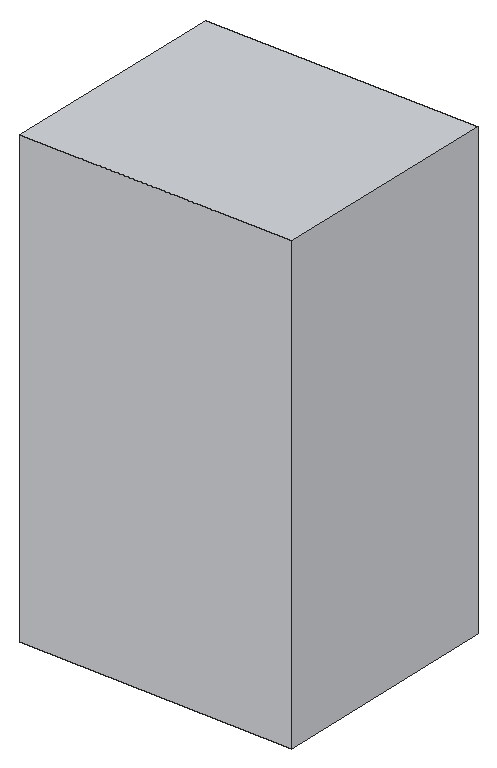
Revit family "Pump_Rheem_DeliverySkid", category Mechanical Equipment, Revit 2014
Parameters (values of type "This Family Using Type Catalogue")
  ZoneServed = ""
  XDiameter = 32 mm
  WarrantyStartDate = ""
  WarrantyDurationMonths = 0
  TotalWidth = 700 mm
  TotalLength = 816 mm
  TotalHeight = 1368 mm
  SystemServed = ""
  SupplyVoltage = 240 V
  SupplyPhase = 1
  SupplyFrequency = "50/60 Hz"  # constant formula
  SupplyDiameter = 50 mm  # constant formula
  StandardsCompliance = ""
  ShippingMass = 0.00 kg
  SerialNumber = ""
  RunLoadAmps = 0 A
  Model = "0"
  HeatExchangeSymbol [instance] = yes
  HeatExchange3D [instance] = not(HeatExchangeSymbol)  # no
  ProductCode = ""
  PowerSource = "AC"  # constant formula
  PowerFactor = 1  # constant formula
  PipingMaterial = none
  OutletDiameter = 60 mm  # constant formula
  OptionsSelected = ""
  OptionsAdditional = ""
  OperatingTempMin = 0 °C
  OperatingTempMax = 0 °C
  OperatingMass = 0.00 kg
  NCC_SEC_J_Compliance = yes
  NCC_Classification = ""
  NATspecWorkSection = ""
  MountingType = "Floor Mounted"  # constant formula
  MotorWindingInsulation = ""
  MotorType = ""
  MotorSize = 0 W
  MotorPoles = 0
  MotorMaterial = none
  MotorManufacturer = ""
  MotorEfficiencyClass = ""
  MotorAmpsActual = 0 A
  Material = none
  Manufacturer = "Rheem Solahart"
  Location = ""
  LOD100 [instance] = not(HeatExchange3D)  # yes
  InsulationMaterialType = ""
  Installer = ""
  InstallationDate = ""
  InletDiameter = 60 mm  # constant formula
  HazardousMaterialClassification = ""
  FullLoadAmps = 0 A
  FluidType = "Water"
  FluidTemperatureMin = 0 °C
  FluidTemperatureMax = 0 °C
  FluidDensity = 0.0000 kg/m³
  FlowRate [instance] = 0.0 L/s
  FactoryWitnessTest = ""
  FactoryCertificationTest = ""
  ExpectedServiceLifeYears = 0
  Designer = ""
  DesignClass = ""
  CreatedBy = ""
  CommissioningTechnician = ""
  CommissioningDate = ""
  Client = ""
  Certification = ""
  BodyMaterial = none
  ApparentPower = 0 W
  ActivePower = 0 W
Reference planes
  plane 1 "Center (Front/Back)": y = 0
  plane 2: z = 0
  plane 3 "Center (Left/Right)": x = 0
  plane 4: y = 350
  plane 5: y = -350
  plane 6: x = 408
  plane 7: x = -408
  plane 8: z = 1368
Forms (mm)
  Extrusion 1, solid, material <- "BodyMaterial", visible <- "HeatExchange3D"
    sketch origin (0, 0, 0) x (1, 0, 0) y (0, 0, 1)
      loop
        arc (180.988, 49.997) -> (176.746, 48.24) -> (174.989, 43.997) r 6
        line (174.989, 43.997) -> (174.989, 6)
        arc (174.989, 6) -> (176.746, 1.757) -> (180.988, 0) r 6
        line (180.988, 0) -> (318.979, 0)
        arc (318.979, 0) -> (323.222, 1.757) -> (324.979, 6) r 6
        line (324.979, 6) -> (324.979, 43.997)
        arc (324.979, 43.997) -> (323.222, 48.24) -> (318.979, 49.997) r 6
        line (318.979, 49.997) -> (180.988, 49.997)
      loop
        arc (180.988, 47.997) -> (178.16, 46.825) -> (176.989, 43.997) r 4
        line (176.989, 43.997) -> (176.989, 6)
        arc (176.989, 6) -> (178.16, 3.171) -> (180.988, 2) r 4
        line (180.988, 2) -> (318.979, 2)
        arc (318.979, 2) -> (321.808, 3.171) -> (322.979, 6) r 4
        line (322.979, 6) -> (322.979, 43.997)
        arc (322.979, 43.997) -> (321.808, 46.825) -> (318.979, 47.997) r 4
        line (318.979, 47.997) -> (180.988, 47.997)
      loop
        line (-180.988, 49.997) -> (-318.979, 49.997)
        arc (-318.979, 49.997) -> (-323.222, 48.24) -> (-324.979, 43.997) r 6
        line (-324.979, 43.997) -> (-324.979, 6)
        arc (-324.979, 6) -> (-323.222, 1.757) -> (-318.979, 0) r 6
        line (-318.979, 0) -> (-180.988, 0)
        arc (-180.988, 0) -> (-176.746, 1.757) -> (-174.989, 6) r 6
        line (-174.989, 6) -> (-174.989, 43.997)
        arc (-174.989, 43.997) -> (-176.746, 48.24) -> (-180.988, 49.997) r 6
      loop
        line (-180.988, 47.997) -> (-318.979, 47.997)
        arc (-318.979, 47.997) -> (-321.808, 46.825) -> (-322.979, 43.997) r 4
        line (-322.979, 43.997) -> (-322.979, 6)
        arc (-322.979, 6) -> (-321.808, 3.171) -> (-318.979, 2) r 4
        line (-318.979, 2) -> (-180.988, 2)
        arc (-180.988, 2) -> (-178.16, 3.171) -> (-176.989, 6) r 4
        line (-176.989, 6) -> (-176.989, 43.997)
        arc (-176.989, 43.997) -> (-178.16, 46.825) -> (-180.988, 47.997) r 4
    from -350 to 350
  Extrusion 2, solid, material <- "BodyMaterial", visible <- "HeatExchange3D"
    sketch origin (49.981, 0, 0) x (1, 0, 0) y (0, 1, 0)
      loop
        line (250, 158.967) -> (250, 250.961)
        arc (250, 250.961) -> (248.828, 253.789) -> (246, 254.961) r 4
        line (246, 254.961) -> (200, 254.961) -> (200, 250.961) -> (242, 250.961)
        arc (242, 250.961) -> (244.828, 249.789) -> (246, 246.961) r 4
        line (246, 246.961) -> (246, 162.967)
        arc (246, 162.967) -> (244.828, 160.139) -> (242, 158.967) r 4
        line (242, 158.967) -> (200, 158.967) -> (200, 154.967) -> (246, 154.967)
        arc (246, 154.967) -> (248.828, 156.139) -> (250, 158.967) r 4
    from 49.997 to 1299.916
  Extrusion 3, solid, material <- "BodyMaterial", visible <- "HeatExchange3D"
    sketch origin (-49.981, 0, 0) x (-1, 0, 0) y (0, -1, 0)
      loop
        arc (250, -158.967) -> (248.828, -156.139) -> (246, -154.967) r 4
        line (246, -154.967) -> (200, -154.967) -> (200, -158.967) -> (242, -158.967)
        arc (242, -158.967) -> (244.828, -160.139) -> (246, -162.967) r 4
        line (246, -162.967) -> (246, -246.961)
        arc (246, -246.961) -> (244.828, -249.789) -> (242, -250.961) r 4
        line (242, -250.961) -> (200, -250.961) -> (200, -254.961) -> (246, -254.961)
        arc (246, -254.961) -> (248.828, -253.789) -> (250, -250.961) r 4
        line (250, -250.961) -> (250, -158.967)
    from 49.997 to 1299.916
  Extrusion 4, solid, material <- "BodyMaterial", visible <- "HeatExchange3D"
    sketch origin (0, 0, 0) x (0, 1, 0) y (0, 0, 1)
      loop
        line (154.967, 1244.544) -> (-238.799, 1313.976)
        arc (-238.799, 1313.976) -> (-239.705, 1313.926) -> (-240.497, 1313.481) r 2
        line (-240.497, 1313.481) -> (-268.823, 1287.551)
        arc (-268.823, 1287.551) -> (-268.823, 1284.574) -> (-265.845, 1284.574) r 2.105
        line (-265.845, 1284.574) -> (-260.088, 1290.332) -> (-261.219, 1291.463) -> (-266.202, 1285.524)
        arc (-266.202, 1285.524) -> (-267.066, 1285.397) -> (-267.293, 1286.24) r 0.657
        line (-267.293, 1286.24) -> (-239.873, 1311.341)
        arc (-239.873, 1311.341) -> (-239.082, 1311.786) -> (-238.175, 1311.835) r 2
        line (-238.175, 1311.835) -> (154.967, 1242.513) -> (154.967, 1244.544)
    from -299.981 to 299.981
  Extrusion 5, solid, material <- "BodyMaterial", visible <- "HeatExchange3D"
    sketch origin (299.981, 0, 0) x (0, 1, 0) y (0, 0, 1)
      loop
        line (154.967, 1160.375) -> (154.967, 960.388) -> (196.771, 960.388) -> (201.771, 965.388) -> (201.771, 1155.376) -> (196.771, 1160.375) -> (154.967, 1160.375)
    from 0 to 2
  Extrusion 6, solid, material <- "BodyMaterial", visible <- "HeatExchange3D"
    sketch origin (299.981, 0, 0) x (0, 1, 0) y (0, 0, 1)
      loop
        line (152.025, 920.14) -> (154.967, 920.14) -> (154.967, 1244.544) -> (-238.799, 1313.976)
        arc (-238.799, 1313.976) -> (-239.531, 1313.969) -> (-240.212, 1313.699) r 2
        line (-240.212, 1313.699) -> (-240.924, 1313.09) -> (152.025, 920.14)
    from 0 to 2
  Extrusion 7, solid, material <- "BodyMaterial", visible <- "HeatExchange3D"
    sketch origin (-299.981, 0, 0) x (0, 1, 0) y (0, 0, -1)
      loop
        line (154.967, -1160.375) -> (196.771, -1160.375) -> (201.771, -1155.376) -> (201.771, -965.388) -> (196.771, -960.388) -> (154.967, -960.388) -> (154.967, -1160.375)
    from 0 to 2
  Extrusion 8, solid, material <- "BodyMaterial", visible <- "HeatExchange3D"
    sketch origin (-299.981, 0, 0) x (0, 1, 0) y (0, 0, -1)
      loop
        line (152.025, -920.14) -> (-240.924, -1313.09) -> (-240.212, -1313.699)
        arc (-240.212, -1313.699) -> (-239.531, -1313.969) -> (-238.799, -1313.976) r 2
        line (-238.799, -1313.976) -> (154.967, -1244.544) -> (154.967, -920.14) -> (152.025, -920.14)
    from 0 to 2
  Extrusion 9, solid, material <- "BodyMaterial", visible <- "HeatExchange3D"
    sketch origin (0, 0, 0) x (1, 0, 0) y (0, 0, 1)
      loop
        line (303.18, 305.98) -> (303.18, 351.977) -> (-303.18, 351.977) -> (-303.18, 305.98) -> (-301.181, 305.98) -> (-301.181, 344.978) -> (301.181, 344.978) -> (301.181, 305.98) -> (303.18, 305.98)
    from -154.967 to 164.012
  Extrusion 10, solid, material <- "BodyMaterial", visible <- "HeatExchange3D"
    sketch origin (49.981, -324.979, 0) x (1, 0, 0) y (0, 1, 0)
      loop
        line (250, 158.967) -> (250, 250.961)
        arc (250, 250.961) -> (248.828, 253.789) -> (246, 254.961) r 4
        line (246, 254.961) -> (200, 254.961) -> (200, 250.961) -> (242, 250.961)
        arc (242, 250.961) -> (244.828, 249.789) -> (246, 246.961) r 4
        line (246, 246.961) -> (246, 162.967)
        arc (246, 162.967) -> (244.828, 160.139) -> (242, 158.967) r 4
        line (242, 158.967) -> (200, 158.967) -> (200, 154.967) -> (246, 154.967)
        arc (246, 154.967) -> (248.828, 156.139) -> (250, 158.967) r 4
    from 49.997 to 344.978
  Extrusion 11, solid, material <- "BodyMaterial", visible <- "HeatExchange3D"
    sketch origin (-49.981, -324.979, 0) x (-1, 0, 0) y (0, -1, 0)
      loop
        arc (250, -158.967) -> (248.828, -156.139) -> (246, -154.967) r 4
        line (246, -154.967) -> (200, -154.967) -> (200, -158.967) -> (242, -158.967)
        arc (242, -158.967) -> (244.828, -160.139) -> (246, -162.967) r 4
        line (246, -162.967) -> (246, -246.961)
        arc (246, -246.961) -> (244.828, -249.789) -> (242, -250.961) r 4
        line (242, -250.961) -> (200, -250.961) -> (200, -254.961) -> (246, -254.961)
        arc (246, -254.961) -> (248.828, -253.789) -> (250, -250.961) r 4
        line (250, -250.961) -> (250, -158.967)
    from 49.997 to 344.978
  Sweep 12, solid, material <- "PipingMaterial", visible <- "HeatExchange3D"
    path origin (0, 0, 0) x (1, 0, 0) y (0, 0, 1)
      loop
        line (177.487, 639.037) -> (52.498, 639.037)
        arc (52.498, 639.037) -> (51.791, 638.744) -> (51.498, 638.037) r 1
        line (51.498, 638.037) -> (51.498, 377.977)
        arc (51.498, 377.977) -> (51.791, 377.27) -> (52.498, 376.977) r 1
        line (52.498, 376.977) -> (177.487, 376.977)
        arc (177.487, 376.977) -> (178.194, 377.27) -> (178.487, 377.977) r 1
        line (178.487, 377.977) -> (178.487, 638.037)
        arc (178.487, 638.037) -> (178.194, 638.744) -> (177.487, 639.037) r 1
    profile origin (114.993, 0, 639.037) x (0, 0, -1) y (0, -1, 0)
      loop
        line (-24.998, 294.404) -> (-24.998, -238.562)
        arc (-24.998, -238.562) -> (-17.677, -256.238) -> (0, -263.56) r 24.998
        line (0, -263.56) -> (0, 27.921) -> (0, 319.402)
        arc (0, 319.402) -> (-17.677, 312.08) -> (-24.998, 294.404) r 24.998
  Extrusion 13, solid, material <- "PipingMaterial", visible <- "HeatExchange3D"
    sketch origin (0, 0, 0) x (1, 0, 0) y (0, 0, 1)
      loop
        arc (52.498, 639.037) -> (51.791, 638.744) -> (51.498, 638.037) r 1
        line (51.498, 638.037) -> (51.498, 377.977)
        arc (51.498, 377.977) -> (51.791, 377.27) -> (52.498, 376.977) r 1
        line (52.498, 376.977) -> (177.487, 376.977)
        arc (177.487, 376.977) -> (178.194, 377.27) -> (178.487, 377.977) r 1
        line (178.487, 377.977) -> (178.487, 638.037)
        arc (178.487, 638.037) -> (178.194, 638.744) -> (177.487, 639.037) r 1
        line (177.487, 639.037) -> (52.498, 639.037)
    from -263.56 to 319.402
  Extrusion 14, solid, material <- "BodyMaterial", visible <- "HeatExchange3D"
    sketch origin (0, 0, 0) x (0, 1, 0) y (0, 0, 1)
      loop
        line (148.968, 667.037) -> (104.971, 667.037) -> (104.971, 664.037) -> (154.967, 664.037) -> (154.967, 714.034) -> (151.968, 714.034) -> (151.968, 670.037)
        arc (151.968, 670.037) -> (151.089, 667.915) -> (148.968, 667.037) r 3
    from -299.981 to 299.981
  Revolve 15, solid, material <- "PipingMaterial", visible <- "HeatExchange3D"
    sketch origin (0, -262.906, 0) x (1, 0, 0) y (0, 0, 1)
      loop
        line (354.977, 141.891) -> (354.977, 192.888) -> (351.977, 192.888) -> (351.977, 224.385) -> (334.978, 224.385) -> (334.978, 183.175)
        arc (334.978, 183.175) -> (333.86, 179.687) -> (330.923, 177.499) r 6
        line (330.923, 177.499) -> (314.98, 172.039) -> (309.074, 172.039) -> (-309.006, 172.039) -> (-314.98, 172.039) -> (-320.622, 173.971) -> (-330.072, 173.971)
        arc (-330.072, 173.971) -> (-331.913, 171.087) -> (-334.127, 168.478) r 25.253
        arc (-334.127, 168.478) -> (-334.669, 168.364) -> (-334.978, 168.823) r 0.496
        line (-334.978, 168.823) -> (-334.978, 224.385) -> (-351.977, 224.385) -> (-351.977, 194.032) -> (-354.977, 194.032) -> (-354.977, 216.886) -> (-357.977, 216.886) -> (-357.977, 194.032) -> (-360.977, 194.032) -> (-360.977, 224.385) -> (-377.976, 224.385) -> (-377.976, 168.823)
        arc (-377.976, 168.823) -> (-378.285, 168.364) -> (-378.827, 168.478) r 0.496
        arc (-378.827, 168.478) -> (-381.041, 171.087) -> (-382.881, 173.971) r 25.253
        line (-382.881, 173.971) -> (-391.975, 173.971) -> (-391.975, 141.891) -> (354.977, 141.891)
      axis (-391.975, 141.891) -> (354.977, 141.891)
    angle from 0 to 360
  Extrusion 16, solid, material <- "PipingMaterial", visible <- "HeatExchange3D"
    sketch origin (0, 0, 0) x (0, 1, 0) y (0, 0, 1)
      loop
        line (-256.262, 155.027) -> (-276.042, 148.535) -> (-269.55, 128.754) -> (-249.769, 135.247) -> (-256.262, 155.027)
    from -408 to -391.975
  Revolve 17, solid, visible <- "HeatExchange3D"
    sketch origin (0, -307.097, 0) x (1, 0, 0) y (0, 0, 1)
      loop
        arc (-326.98, 185.856) -> (-328.79, 195.473) -> (-334.12, 203.679) r 25.253
        arc (-334.12, 203.679) -> (-334.666, 203.794) -> (-334.978, 203.331) r 0.5
        line (-334.978, 203.331) -> (-334.978, 185.856) -> (-326.98, 185.856)
      axis (-326.98, 185.856) -> (-334.978, 185.856)
    angle from 0 to 360
  Extrusion 18, solid, visible <- "HeatExchange3D"
    sketch origin (0, -88.383, 0) x (0, 1, 0) y (0, 0, 1)
      loop
        line (-208.062, 192.232) -> (-218.714, 198.382) -> (-229.366, 192.232) -> (-229.366, 179.932) -> (-218.714, 173.782) -> (-208.062, 179.932) -> (-208.062, 192.232)
      loop
        circle (-218.714, 186.082) r 6
    from -334.978 to -319.994
  Revolve 19, solid, visible <- "HeatExchange3D"
    sketch origin (0, -307.097, -88.383) x (1, 0, 0) y (0, 0, 1)
      loop
        arc (-326.98, 185.856) -> (-328.79, 195.473) -> (-334.12, 203.679) r 25.253
        arc (-334.12, 203.679) -> (-334.666, 203.794) -> (-334.978, 203.331) r 0.5
        line (-334.978, 203.331) -> (-334.978, 185.856) -> (-326.98, 185.856)
      axis (-326.98, 185.856) -> (-334.978, 185.856)
    angle from 0 to 360
  Extrusion 20, solid, visible <- "HeatExchange3D"
    sketch origin (0, -88.383, -88.383) x (0, 1, 0) y (0, 0, 1)
      loop
        line (-208.062, 192.232) -> (-218.714, 198.382) -> (-229.366, 192.232) -> (-229.366, 179.932) -> (-218.714, 173.782) -> (-208.062, 179.932) -> (-208.062, 192.232)
      loop
        circle (-218.714, 186.082) r 6
    from -334.978 to -319.994
  Revolve 21, solid, visible <- "HeatExchange3D"
    sketch origin (0, -218.714, -88.383) x (1, 0, 0) y (0, 0, 1)
      loop
        arc (-326.98, 185.856) -> (-328.79, 195.473) -> (-334.12, 203.679) r 25.253
        arc (-334.12, 203.679) -> (-334.666, 203.794) -> (-334.978, 203.331) r 0.5
        line (-334.978, 203.331) -> (-334.978, 185.856) -> (-326.98, 185.856)
      axis (-326.98, 185.856) -> (-334.978, 185.856)
    angle from 0 to 360
  Extrusion 22, solid, visible <- "HeatExchange3D"
    sketch origin (0, 0, -88.383) x (0, 1, 0) y (0, 0, 1)
      loop
        line (-208.062, 192.232) -> (-218.714, 198.382) -> (-229.366, 192.232) -> (-229.366, 179.932) -> (-218.714, 173.782) -> (-208.062, 179.932) -> (-208.062, 192.232)
      loop
        circle (-218.714, 186.082) r 6
    from -334.978 to -319.994
  Revolve 23, solid, visible <- "HeatExchange3D"
    sketch origin (0, -218.714, 0) x (1, 0, 0) y (0, 0, 1)
      loop
        arc (-326.98, 185.856) -> (-328.79, 195.473) -> (-334.12, 203.679) r 25.253
        arc (-334.12, 203.679) -> (-334.666, 203.794) -> (-334.978, 203.331) r 0.5
        line (-334.978, 203.331) -> (-334.978, 185.856) -> (-326.98, 185.856)
      axis (-326.98, 185.856) -> (-334.978, 185.856)
    angle from 0 to 360
  Extrusion 24, solid, visible <- "HeatExchange3D"
    sketch origin (0, 0, 0) x (0, 1, 0) y (0, 0, 1)
      loop
        line (-208.062, 192.232) -> (-218.714, 198.382) -> (-229.366, 192.232) -> (-229.366, 179.932) -> (-218.714, 173.782) -> (-208.062, 179.932) -> (-208.062, 192.232)
      loop
        circle (-218.714, 186.082) r 6
    from -334.978 to -319.994
  Revolve 25, solid, material <- "PipingMaterial", visible <- "HeatExchange3D"
    sketch origin (-712.954, -307.097, 0) x (-1, 0, 0) y (0, 0, -1)
      loop
        line (-326.98, -185.856) -> (-334.978, -185.856) -> (-334.978, -203.331)
        arc (-334.978, -203.331) -> (-334.666, -203.794) -> (-334.12, -203.679) r 0.5
        arc (-334.12, -203.679) -> (-328.79, -195.473) -> (-326.98, -185.856) r 25.253
      axis (-326.98, -185.856) -> (-334.978, -185.856)
    angle from 0 to 360
  Extrusion 26, solid, material <- "PipingMaterial", visible <- "HeatExchange3D"
    sketch origin (-712.954, -88.383, 0) x (0, 1, 0) y (0, 0, -1)
      loop
        line (-208.062, -192.232) -> (-208.062, -179.932) -> (-218.714, -173.782) -> (-229.366, -179.932) -> (-229.366, -192.232) -> (-218.714, -198.382) -> (-208.062, -192.232)
      loop
        circle (-218.714, -186.082) r 6
    from -334.978 to -319.994
  Revolve 27, solid, material <- "PipingMaterial", visible <- "HeatExchange3D"
    sketch origin (-712.954, -307.097, -88.383) x (-1, 0, 0) y (0, 0, -1)
      loop
        line (-326.98, -185.856) -> (-334.978, -185.856) -> (-334.978, -203.331)
        arc (-334.978, -203.331) -> (-334.666, -203.794) -> (-334.12, -203.679) r 0.5
        arc (-334.12, -203.679) -> (-328.79, -195.473) -> (-326.98, -185.856) r 25.253
      axis (-326.98, -185.856) -> (-334.978, -185.856)
    angle from 0 to 360
  Extrusion 28, solid, material <- "PipingMaterial", visible <- "HeatExchange3D"
    sketch origin (-712.954, -88.383, -88.383) x (0, 1, 0) y (0, 0, -1)
      loop
        line (-208.062, -192.232) -> (-208.062, -179.932) -> (-218.714, -173.782) -> (-229.366, -179.932) -> (-229.366, -192.232) -> (-218.714, -198.382) -> (-208.062, -192.232)
      loop
        circle (-218.714, -186.082) r 6
    from -334.978 to -319.994
  Revolve 29, solid, material <- "PipingMaterial", visible <- "HeatExchange3D"
    sketch origin (-712.954, -218.714, -88.383) x (-1, 0, 0) y (0, 0, -1)
      loop
        line (-326.98, -185.856) -> (-334.978, -185.856) -> (-334.978, -203.331)
        arc (-334.978, -203.331) -> (-334.666, -203.794) -> (-334.12, -203.679) r 0.5
        arc (-334.12, -203.679) -> (-328.79, -195.473) -> (-326.98, -185.856) r 25.253
      axis (-326.98, -185.856) -> (-334.978, -185.856)
    angle from 0 to 360
  Extrusion 30, solid, material <- "PipingMaterial", visible <- "HeatExchange3D"
    sketch origin (-712.954, 0, -88.383) x (0, 1, 0) y (0, 0, -1)
      loop
        line (-208.062, -192.232) -> (-208.062, -179.932) -> (-218.714, -173.782) -> (-229.366, -179.932) -> (-229.366, -192.232) -> (-218.714, -198.382) -> (-208.062, -192.232)
      loop
        circle (-218.714, -186.082) r 6
    from -334.978 to -319.994
  Revolve 31, solid, material <- "PipingMaterial", visible <- "HeatExchange3D"
    sketch origin (-712.954, -218.714, 0) x (-1, 0, 0) y (0, 0, -1)
      loop
        line (-326.98, -185.856) -> (-334.978, -185.856) -> (-334.978, -203.331)
        arc (-334.978, -203.331) -> (-334.666, -203.794) -> (-334.12, -203.679) r 0.5
        arc (-334.12, -203.679) -> (-328.79, -195.473) -> (-326.98, -185.856) r 25.253
      axis (-326.98, -185.856) -> (-334.978, -185.856)
    angle from 0 to 360
  Extrusion 32, solid, material <- "PipingMaterial", visible <- "HeatExchange3D"
    sketch origin (-712.954, 0, 0) x (0, 1, 0) y (0, 0, -1)
      loop
        line (-208.062, -192.232) -> (-208.062, -179.932) -> (-218.714, -173.782) -> (-229.366, -179.932) -> (-229.366, -192.232) -> (-218.714, -198.382) -> (-208.062, -192.232)
      loop
        circle (-218.714, -186.082) r 6
    from -334.978 to -319.994
  Revolve 33, solid, material <- "PipingMaterial", visible <- "HeatExchange3D"
    sketch origin (0, -262.906, 1024.034) x (-1, 0, 0) y (0, 0, -1)
      loop
        line (354.977, 141.891) -> (354.977, 192.888) -> (351.977, 192.888) -> (351.977, 224.385) -> (334.978, 224.385) -> (334.978, 183.175)
        arc (334.978, 183.175) -> (333.86, 179.687) -> (330.923, 177.499) r 6
        line (330.923, 177.499) -> (314.98, 172.039) -> (309.074, 172.039) -> (-309.006, 172.039) -> (-314.98, 172.039) -> (-320.622, 173.971) -> (-330.072, 173.971)
        arc (-330.072, 173.971) -> (-331.913, 171.087) -> (-334.127, 168.478) r 25.253
        arc (-334.127, 168.478) -> (-334.669, 168.364) -> (-334.978, 168.823) r 0.496
        line (-334.978, 168.823) -> (-334.978, 224.385) -> (-351.977, 224.385) -> (-351.977, 194.032) -> (-354.977, 194.032) -> (-354.977, 216.886) -> (-357.977, 216.886) -> (-357.977, 194.032) -> (-360.977, 194.032) -> (-360.977, 224.385) -> (-377.976, 224.385) -> (-377.976, 168.823)
        arc (-377.976, 168.823) -> (-378.285, 168.364) -> (-378.827, 168.478) r 0.496
        arc (-378.827, 168.478) -> (-381.041, 171.087) -> (-382.881, 173.971) r 25.253
        line (-382.881, 173.971) -> (-391.975, 173.971) -> (-391.975, 141.891) -> (354.977, 141.891)
      axis (-391.975, 141.891) -> (354.977, 141.891)
    angle from 0 to 360
  Extrusion 34, solid, material <- "PipingMaterial", visible <- "HeatExchange3D"
    sketch origin (0, -97.256, 1130.764) x (0, 0.883196, 0.469004) y (0, 0.469004, -0.883196)
      loop
        line (-254.64, 158.232) -> (-279.247, 150.156) -> (-271.171, 125.549) -> (-246.564, 133.626) -> (-254.64, 158.232)
    from -408 to -391.975
  Revolve 35, solid, material <- "PipingMaterial", visible <- "HeatExchange3D"
    sketch origin (0, -307.097, 1024.034) x (-1, 0, 0) y (0, 0, -1)
      loop
        arc (-326.98, 185.856) -> (-328.79, 195.473) -> (-334.12, 203.679) r 25.253
        arc (-334.12, 203.679) -> (-334.666, 203.794) -> (-334.978, 203.331) r 0.5
        line (-334.978, 203.331) -> (-334.978, 185.856) -> (-326.98, 185.856)
      axis (-326.98, 185.856) -> (-334.978, 185.856)
    angle from 0 to 360
  Extrusion 36, solid, material <- "PipingMaterial", visible <- "HeatExchange3D"
    sketch origin (0, -88.383, 1024.034) x (0, 1, 0) y (0, 0, -1)
      loop
        line (-208.062, 192.232) -> (-218.714, 198.382) -> (-229.366, 192.232) -> (-229.366, 179.932) -> (-218.714, 173.782) -> (-208.062, 179.932) -> (-208.062, 192.232)
      loop
        circle (-218.714, 186.082) r 6
    from -334.978 to -319.994
  Revolve 37, solid, material <- "PipingMaterial", visible <- "HeatExchange3D"
    sketch origin (0, -307.097, 1112.416) x (-1, 0, 0) y (0, 0, -1)
      loop
        arc (-326.98, 185.856) -> (-328.79, 195.473) -> (-334.12, 203.679) r 25.253
        arc (-334.12, 203.679) -> (-334.666, 203.794) -> (-334.978, 203.331) r 0.5
        line (-334.978, 203.331) -> (-334.978, 185.856) -> (-326.98, 185.856)
      axis (-326.98, 185.856) -> (-334.978, 185.856)
    angle from 0 to 360
  Extrusion 38, solid, material <- "PipingMaterial", visible <- "HeatExchange3D"
    sketch origin (0, -88.383, 1112.416) x (0, 1, 0) y (0, 0, -1)
      loop
        line (-208.062, 192.232) -> (-218.714, 198.382) -> (-229.366, 192.232) -> (-229.366, 179.932) -> (-218.714, 173.782) -> (-208.062, 179.932) -> (-208.062, 192.232)
      loop
        circle (-218.714, 186.082) r 6
    from -334.978 to -319.994
  Revolve 39, solid, material <- "PipingMaterial", visible <- "HeatExchange3D"
    sketch origin (0, -218.714, 1112.416) x (-1, 0, 0) y (0, 0, -1)
      loop
        arc (-326.98, 185.856) -> (-328.79, 195.473) -> (-334.12, 203.679) r 25.253
        arc (-334.12, 203.679) -> (-334.666, 203.794) -> (-334.978, 203.331) r 0.5
        line (-334.978, 203.331) -> (-334.978, 185.856) -> (-326.98, 185.856)
      axis (-326.98, 185.856) -> (-334.978, 185.856)
    angle from 0 to 360
  Extrusion 40, solid, material <- "PipingMaterial", visible <- "HeatExchange3D"
    sketch origin (0, 0, 1112.416) x (0, 1, 0) y (0, 0, -1)
      loop
        line (-208.062, 192.232) -> (-218.714, 198.382) -> (-229.366, 192.232) -> (-229.366, 179.932) -> (-218.714, 173.782) -> (-208.062, 179.932) -> (-208.062, 192.232)
      loop
        circle (-218.714, 186.082) r 6
    from -334.978 to -319.994
  Revolve 41, solid, material <- "PipingMaterial", visible <- "HeatExchange3D"
    sketch origin (0, -218.714, 1024.034) x (-1, 0, 0) y (0, 0, -1)
      loop
        arc (-326.98, 185.856) -> (-328.79, 195.473) -> (-334.12, 203.679) r 25.253
        arc (-334.12, 203.679) -> (-334.666, 203.794) -> (-334.978, 203.331) r 0.5
        line (-334.978, 203.331) -> (-334.978, 185.856) -> (-326.98, 185.856)
      axis (-326.98, 185.856) -> (-334.978, 185.856)
    angle from 0 to 360
  Extrusion 42, solid, material <- "PipingMaterial", visible <- "HeatExchange3D"
    sketch origin (0, 0, 1024.034) x (0, 1, 0) y (0, 0, -1)
      loop
        line (-208.062, 192.232) -> (-218.714, 198.382) -> (-229.366, 192.232) -> (-229.366, 179.932) -> (-218.714, 173.782) -> (-208.062, 179.932) -> (-208.062, 192.232)
      loop
        circle (-218.714, 186.082) r 6
    from -334.978 to -319.994
  Revolve 43, solid, material <- "PipingMaterial", visible <- "HeatExchange3D"
    sketch origin (712.954, -307.097, 1024.034) x (1, 0, 0) y (0, 0, 1)
      loop
        line (-326.98, -185.856) -> (-334.978, -185.856) -> (-334.978, -203.331)
        arc (-334.978, -203.331) -> (-334.666, -203.794) -> (-334.12, -203.679) r 0.5
        arc (-334.12, -203.679) -> (-328.79, -195.473) -> (-326.98, -185.856) r 25.253
      axis (-326.98, -185.856) -> (-334.978, -185.856)
    angle from 0 to 360
  Extrusion 44, solid, material <- "PipingMaterial", visible <- "HeatExchange3D"
    sketch origin (712.954, -88.383, 1024.034) x (0, 1, 0) y (0, 0, 1)
      loop
        line (-208.062, -192.232) -> (-208.062, -179.932) -> (-218.714, -173.782) -> (-229.366, -179.932) -> (-229.366, -192.232) -> (-218.714, -198.382) -> (-208.062, -192.232)
      loop
        circle (-218.714, -186.082) r 6
    from -334.978 to -319.994
  Revolve 45, solid, material <- "PipingMaterial", visible <- "HeatExchange3D"
    sketch origin (712.954, -307.097, 1112.416) x (1, 0, 0) y (0, 0, 1)
      loop
        line (-326.98, -185.856) -> (-334.978, -185.856) -> (-334.978, -203.331)
        arc (-334.978, -203.331) -> (-334.666, -203.794) -> (-334.12, -203.679) r 0.5
        arc (-334.12, -203.679) -> (-328.79, -195.473) -> (-326.98, -185.856) r 25.253
      axis (-326.98, -185.856) -> (-334.978, -185.856)
    angle from 0 to 360
  Extrusion 46, solid, material <- "PipingMaterial", visible <- "HeatExchange3D"
    sketch origin (712.954, -88.383, 1112.416) x (0, 1, 0) y (0, 0, 1)
      loop
        line (-208.062, -192.232) -> (-208.062, -179.932) -> (-218.714, -173.782) -> (-229.366, -179.932) -> (-229.366, -192.232) -> (-218.714, -198.382) -> (-208.062, -192.232)
      loop
        circle (-218.714, -186.082) r 6
    from -334.978 to -319.994
  Revolve 47, solid, material <- "PipingMaterial", visible <- "HeatExchange3D"
    sketch origin (712.954, -218.714, 1112.416) x (1, 0, 0) y (0, 0, 1)
      loop
        line (-326.98, -185.856) -> (-334.978, -185.856) -> (-334.978, -203.331)
        arc (-334.978, -203.331) -> (-334.666, -203.794) -> (-334.12, -203.679) r 0.5
        arc (-334.12, -203.679) -> (-328.79, -195.473) -> (-326.98, -185.856) r 25.253
      axis (-326.98, -185.856) -> (-334.978, -185.856)
    angle from 0 to 360
  Extrusion 48, solid, material <- "PipingMaterial", visible <- "HeatExchange3D"
    sketch origin (712.954, 0, 1112.416) x (0, 1, 0) y (0, 0, 1)
      loop
        line (-208.062, -192.232) -> (-208.062, -179.932) -> (-218.714, -173.782) -> (-229.366, -179.932) -> (-229.366, -192.232) -> (-218.714, -198.382) -> (-208.062, -192.232)
      loop
        circle (-218.714, -186.082) r 6
    from -334.978 to -319.994
  Revolve 49, solid, material <- "PipingMaterial", visible <- "HeatExchange3D"
    sketch origin (712.954, -218.714, 1024.034) x (1, 0, 0) y (0, 0, 1)
      loop
        line (-326.98, -185.856) -> (-334.978, -185.856) -> (-334.978, -203.331)
        arc (-334.978, -203.331) -> (-334.666, -203.794) -> (-334.12, -203.679) r 0.5
        arc (-334.12, -203.679) -> (-328.79, -195.473) -> (-326.98, -185.856) r 25.253
      axis (-326.98, -185.856) -> (-334.978, -185.856)
    angle from 0 to 360
  Extrusion 50, solid, material <- "PipingMaterial", visible <- "HeatExchange3D"
    sketch origin (712.954, 0, 1024.034) x (0, 1, 0) y (0, 0, 1)
      loop
        line (-208.062, -192.232) -> (-208.062, -179.932) -> (-218.714, -173.782) -> (-229.366, -179.932) -> (-229.366, -192.232) -> (-218.714, -198.382) -> (-208.062, -192.232)
      loop
        circle (-218.714, -186.082) r 6
    from -334.978 to -319.994
  Extrusion 51, solid, material <- "PipingMaterial", visible <- "HeatExchange3D"
    sketch origin (-30.004, 0, 0) x (0, 1, 0) y (0, 0, 1)
      loop
        circle (-218.714, 186.082) r 7.999
      loop
        circle (-307.097, 186.082) r 7.999
      loop
        circle (-218.714, 97.7) r 7.999
      loop
        circle (-307.097, 97.7) r 7.999
    from 381.982 to 382.982
  Extrusion 52, solid, material <- "PipingMaterial", visible <- "HeatExchange3D"
    sketch origin (30.004, 0, 740.252) x (0, 1, 0) y (0, 0, -1)
      loop
        circle (-218.714, -186.082) r 7.999
      loop
        circle (-307.097, -186.082) r 7.999
      loop
        circle (-218.714, -97.7) r 7.999
      loop
        circle (-307.097, -97.7) r 7.999
    from 381.982 to 382.982
  Sweep 53, solid, material <- "PipingMaterial", visible <- "HeatExchange3D"
    path origin (0, 0, 0) x (-1, 0, 0) y (0, 0, 1)
      loop
        line (177.487, 639.037) -> (52.498, 639.037)
        arc (52.498, 639.037) -> (51.791, 638.744) -> (51.498, 638.037) r 1
        line (51.498, 638.037) -> (51.498, 377.977)
        arc (51.498, 377.977) -> (51.791, 377.27) -> (52.498, 376.977) r 1
        line (52.498, 376.977) -> (177.487, 376.977)
        arc (177.487, 376.977) -> (178.194, 377.27) -> (178.487, 377.977) r 1
        line (178.487, 377.977) -> (178.487, 638.037)
        arc (178.487, 638.037) -> (178.194, 638.744) -> (177.487, 639.037) r 1
    profile origin (-114.993, 0, 639.037) x (0, 0, 1) y (0, -1, 0)
      loop
        arc (24.998, 294.404) -> (17.677, 312.08) -> (0, 319.402) r 24.998
        line (0, 319.402) -> (0, 27.921) -> (0, -263.56)
        arc (0, -263.56) -> (17.677, -256.238) -> (24.998, -238.562) r 24.998
        line (24.998, -238.562) -> (24.998, 294.404)
  Extrusion 54, solid, material <- "PipingMaterial", visible <- "HeatExchange3D"
    sketch origin (0, 0, 0) x (-1, 0, 0) y (0, 0, -1)
      loop
        line (52.498, -639.037) -> (177.487, -639.037)
        arc (177.487, -639.037) -> (178.194, -638.744) -> (178.487, -638.037) r 1
        line (178.487, -638.037) -> (178.487, -377.977)
        arc (178.487, -377.977) -> (178.194, -377.27) -> (177.487, -376.977) r 1
        line (177.487, -376.977) -> (52.498, -376.977)
        arc (52.498, -376.977) -> (51.791, -377.27) -> (51.498, -377.977) r 1
        line (51.498, -377.977) -> (51.498, -638.037)
        arc (51.498, -638.037) -> (51.791, -638.744) -> (52.498, -639.037) r 1
    from -263.56 to 319.402
  Revolve 55, solid, material <- "PipingMaterial", visible <- "HeatExchange3D"
    sketch origin (0, -262.906, 0) x (1, 0, 0) y (0, 0, 1)
      loop
        line (146.491, 141.891) -> (146.491, 194.887) -> (125.88, 194.887) -> (127.008, 194.236) -> (125.504, 193.367) -> (127.008, 192.499) -> (125.504, 191.63) -> (127.008, 190.762) -> (125.504, 189.893) -> (127.008, 189.025) -> (125.504, 188.156) -> (127.008, 187.287) -> (125.504, 186.419) -> (127.008, 185.55) -> (125.504, 184.682) -> (125.504, 141.891) -> (146.491, 141.891)
      loop
        line (114.016, 220.776) -> (119.016, 213.636) -> (146.491, 213.636) -> (146.491, 315.507) -> (119.617, 315.507) -> (121.07, 294.733)
        arc (121.07, 294.733) -> (121.226, 294.378) -> (121.573, 294.204) r 0.572
        line (121.573, 294.204) -> (126.344, 293.641) -> (125.504, 293.156) -> (127.008, 292.287) -> (125.504, 291.419) -> (127.008, 290.55) -> (125.504, 289.682) -> (122.653, 289.682) -> (122.653, 272.859)
        arc (122.653, 272.859) -> (122.538, 272.398) -> (122.144, 272.132) r 0.661
        line (122.144, 272.132) -> (119.516, 272.132)
        arc (119.516, 272.132) -> (119.162, 271.986) -> (119.016, 271.632) r 0.5
        line (119.016, 271.632) -> (119.016, 268.633) -> (114.016, 263.633) -> (114.016, 220.776)
      loop
        line (146.491, 348.046) -> (146.491, 352.389) -> (127.008, 352.389) -> (125.504, 351.52) -> (127.008, 350.651) -> (125.504, 349.783) -> (127.008, 348.914) -> (125.504, 348.046) -> (146.491, 348.046)
      axis (146.491, 141.891) -> (146.491, 352.389)
    angle from 0 to 360
  Extrusion 56, solid, material <- "PipingMaterial", visible <- "HeatExchange3D"
    sketch origin (0, 0, 0) x (1, 0, 0) y (0, 1, 0)
      loop
        line (146.491, -227.906) -> (121.742, -238.157) -> (111.491, -262.906) -> (121.742, -287.654) -> (146.491, -297.906) -> (171.239, -287.654) -> (181.491, -262.906) -> (171.239, -238.157) -> (146.491, -227.906)
    from 315.507 to 333.961
  Extrusion 57, solid, material <- "PipingMaterial", visible <- "HeatExchange3D"
    sketch origin (0, 0, 18.454) x (1, 0, 0) y (0, 1, 0)
      loop
        line (146.491, -237.906) -> (128.813, -245.228) -> (121.491, -262.906) -> (128.813, -280.583) -> (146.491, -287.906) -> (164.168, -280.583) -> (171.491, -262.906) -> (164.168, -245.228) -> (146.491, -237.906)
    from 315.507 to 329.592
  Extrusion 58, solid, material <- "PipingMaterial", visible <- "HeatExchange3D"
    sketch origin (0, 0, -121.546) x (1, 0, 0) y (0, 1, 0)
      loop
        line (146.491, -236.831) -> (128.053, -244.468) -> (120.416, -262.906) -> (128.053, -281.343) -> (146.491, -288.98) -> (164.928, -281.343) -> (172.565, -262.906) -> (164.928, -244.468) -> (146.491, -236.831)
    from 315.782 to 335.182
  Extrusion 59, solid, material <- "PipingMaterial", visible <- "HeatExchange3D"
    sketch origin (0, 0, 0) x (1, 0, 0) y (0, 0, 1)
      loop
        arc (155.659, 231.977) -> (156.566, 252.96) -> (135.583, 252.053) r 14.249
        line (135.583, 252.053) -> (124.992, 252.053) -> (124.992, 247.303) -> (132.944, 247.303)
        arc (132.944, 247.303) -> (136.415, 232.809) -> (150.91, 229.338) r 14.249
        line (150.91, 229.338) -> (150.91, 221.386) -> (155.659, 221.386) -> (155.659, 231.977)
    from 262.906 to 303.38
  Extrusion 60, solid, material <- "PipingMaterial", visible <- "HeatExchange3D"
    sketch origin (0, 0, 0) x (1, 0, 0) y (0, 0, 1)
      loop
        line (150.893, 250.509) -> (142.088, 250.509) -> (137.686, 242.884) -> (142.088, 235.259) -> (150.893, 235.259) -> (155.295, 242.884) -> (150.893, 250.509)
    from 310.879 to 317.379
  Extrusion 61, solid, material <- "PipingMaterial", visible <- "HeatExchange3D"
    sketch origin (0, 0, 0) x (1, 0, 0) y (0, 0, 1)
      loop
        circle (146.491, 242.884) r 5
    from 303.38 to 318.379
  Extrusion 62, solid, material <- "PipingMaterial", visible <- "HeatExchange3D"
    sketch origin (0, 0, 0) x (0, 1, 0) y (0, 0, 1)
      loop
        line (-308.75, 260.883) -> (-319.41, 279.346)
        arc (-319.41, 279.346) -> (-319.759, 280.19) -> (-319.878, 281.096) r 3.5
        line (-319.878, 281.096) -> (-322.878, 281.096)
        arc (-322.878, 281.096) -> (-322.657, 279.414) -> (-322.007, 277.846) r 6.5
        line (-322.007, 277.846) -> (-311.3, 259.3)
        arc (-311.3, 259.3) -> (-310.986, 258.542) -> (-310.879, 257.73) r 3.14
        line (-310.879, 257.73) -> (-310.879, 228.135)
        arc (-310.879, 228.135) -> (-309.854, 225.661) -> (-307.379, 224.635) r 3.5
        line (-307.379, 224.635) -> (-307.879, 228.135) -> (-307.879, 257.633)
        arc (-307.879, 257.633) -> (-308.101, 259.316) -> (-308.75, 260.883) r 6.5
    from 138.491 to 154.49
  Extrusion 63, solid, material <- "PipingMaterial", visible <- "HeatExchange3D"
    sketch origin (0, 0, 0) x (1, 0, 0) y (0, 0, 1)
      loop
        arc (138.491, 369.876) -> (137.077, 369.29) -> (136.491, 367.876) r 2
        line (136.491, 367.876) -> (136.491, 283.096)
        arc (136.491, 283.096) -> (137.077, 281.682) -> (138.491, 281.096) r 2
        line (138.491, 281.096) -> (154.49, 281.096)
        arc (154.49, 281.096) -> (155.904, 281.682) -> (156.49, 283.096) r 2
        line (156.49, 283.096) -> (156.49, 367.876)
        arc (156.49, 367.876) -> (155.904, 369.29) -> (154.49, 369.876) r 2
        line (154.49, 369.876) -> (138.491, 369.876)
    from 319.378 to 323.378
  Extrusion 64, solid, material <- "PipingMaterial", visible <- "HeatExchange3D"
    sketch origin (0, 0, 0) x (1, 0, 0) y (0, 1, 0)
      loop
        line (146.491, -307.379) -> (151.491, -307.379) -> (149.688, -305.577) -> (149.688, -296.406) -> (146.491, -296.406) -> (143.293, -296.406) -> (143.293, -305.577) -> (141.491, -307.379) -> (146.491, -307.379)
    from 224.635 to 227.635
  Revolve 65, solid, material <- "PipingMaterial", visible <- "HeatExchange3D"
    sketch origin (-229.985, -262.906, 0) x (1, 0, 0) y (0, 0, 1)
      loop
        line (146.491, 141.891) -> (146.491, 194.887) -> (125.88, 194.887) -> (127.008, 194.236) -> (125.504, 193.367) -> (127.008, 192.499) -> (125.504, 191.63) -> (127.008, 190.762) -> (125.504, 189.893) -> (127.008, 189.025) -> (125.504, 188.156) -> (127.008, 187.287) -> (125.504, 186.419) -> (127.008, 185.55) -> (125.504, 184.682) -> (125.504, 141.891) -> (146.491, 141.891)
      loop
        line (114.016, 220.776) -> (119.016, 213.636) -> (146.491, 213.636) -> (146.491, 315.507) -> (119.617, 315.507) -> (121.07, 294.733)
        arc (121.07, 294.733) -> (121.226, 294.378) -> (121.573, 294.204) r 0.572
        line (121.573, 294.204) -> (126.344, 293.641) -> (125.504, 293.156) -> (127.008, 292.287) -> (125.504, 291.419) -> (127.008, 290.55) -> (125.504, 289.682) -> (122.653, 289.682) -> (122.653, 272.859)
        arc (122.653, 272.859) -> (122.538, 272.398) -> (122.144, 272.132) r 0.661
        line (122.144, 272.132) -> (119.516, 272.132)
        arc (119.516, 272.132) -> (119.162, 271.986) -> (119.016, 271.632) r 0.5
        line (119.016, 271.632) -> (119.016, 268.633) -> (114.016, 263.633) -> (114.016, 220.776)
      loop
        line (146.491, 348.046) -> (146.491, 352.389) -> (127.008, 352.389) -> (125.504, 351.52) -> (127.008, 350.651) -> (125.504, 349.783) -> (127.008, 348.914) -> (125.504, 348.046) -> (146.491, 348.046)
      axis (146.491, 141.891) -> (146.491, 352.389)
    angle from 0 to 360
  Extrusion 66, solid, material <- "PipingMaterial", visible <- "HeatExchange3D"
    sketch origin (-229.985, 0, 0) x (1, 0, 0) y (0, 1, 0)
      loop
        line (146.491, -227.906) -> (121.742, -238.157) -> (111.491, -262.906) -> (121.742, -287.654) -> (146.491, -297.906) -> (171.239, -287.654) -> (181.491, -262.906) -> (171.239, -238.157) -> (146.491, -227.906)
    from 315.507 to 333.961
  Extrusion 67, solid, material <- "PipingMaterial", visible <- "HeatExchange3D"
    sketch origin (-229.985, 0, 18.454) x (1, 0, 0) y (0, 1, 0)
      loop
        line (146.491, -237.906) -> (128.813, -245.228) -> (121.491, -262.906) -> (128.813, -280.583) -> (146.491, -287.906) -> (164.168, -280.583) -> (171.491, -262.906) -> (164.168, -245.228) -> (146.491, -237.906)
    from 315.507 to 329.592
  Extrusion 68, solid, material <- "PipingMaterial", visible <- "HeatExchange3D"
    sketch origin (-229.985, 0, -121.546) x (1, 0, 0) y (0, 1, 0)
      loop
        line (146.491, -236.831) -> (128.053, -244.468) -> (120.416, -262.906) -> (128.053, -281.343) -> (146.491, -288.98) -> (164.928, -281.343) -> (172.565, -262.906) -> (164.928, -244.468) -> (146.491, -236.831)
    from 315.782 to 335.182
  Extrusion 69, solid, material <- "PipingMaterial", visible <- "HeatExchange3D"
    sketch origin (-229.985, 0, 0) x (1, 0, 0) y (0, 0, 1)
      loop
        arc (138.491, 369.876) -> (137.077, 369.29) -> (136.491, 367.876) r 2
        line (136.491, 367.876) -> (136.491, 283.096)
        arc (136.491, 283.096) -> (137.077, 281.682) -> (138.491, 281.096) r 2
        line (138.491, 281.096) -> (154.49, 281.096)
        arc (154.49, 281.096) -> (155.904, 281.682) -> (156.49, 283.096) r 2
        line (156.49, 283.096) -> (156.49, 367.876)
        arc (156.49, 367.876) -> (155.904, 369.29) -> (154.49, 369.876) r 2
        line (154.49, 369.876) -> (138.491, 369.876)
    from 319.378 to 323.378
  Extrusion 70, solid, material <- "PipingMaterial", visible <- "HeatExchange3D"
    sketch origin (-229.985, 0, 0) x (0, 1, 0) y (0, 0, 1)
      loop
        line (-308.75, 260.883) -> (-319.41, 279.346)
        arc (-319.41, 279.346) -> (-319.759, 280.19) -> (-319.878, 281.096) r 3.5
        line (-319.878, 281.096) -> (-322.878, 281.096)
        arc (-322.878, 281.096) -> (-322.657, 279.414) -> (-322.007, 277.846) r 6.5
        line (-322.007, 277.846) -> (-311.3, 259.3)
        arc (-311.3, 259.3) -> (-310.986, 258.542) -> (-310.879, 257.73) r 3.14
        line (-310.879, 257.73) -> (-310.879, 228.135)
        arc (-310.879, 228.135) -> (-309.854, 225.661) -> (-307.379, 224.635) r 3.5
        line (-307.379, 224.635) -> (-307.879, 228.135) -> (-307.879, 257.633)
        arc (-307.879, 257.633) -> (-308.101, 259.316) -> (-308.75, 260.883) r 6.5
    from 138.491 to 154.49
  Extrusion 71, solid, material <- "PipingMaterial", visible <- "HeatExchange3D"
    sketch origin (-229.985, 0, 0) x (1, 0, 0) y (0, 0, 1)
      loop
        arc (155.659, 231.977) -> (156.566, 252.96) -> (135.583, 252.053) r 14.249
        line (135.583, 252.053) -> (124.992, 252.053) -> (124.992, 247.303) -> (132.944, 247.303)
        arc (132.944, 247.303) -> (136.415, 232.809) -> (150.91, 229.338) r 14.249
        line (150.91, 229.338) -> (150.91, 221.386) -> (155.659, 221.386) -> (155.659, 231.977)
    from 262.906 to 303.38
  Extrusion 72, solid, material <- "PipingMaterial", visible <- "HeatExchange3D"
    sketch origin (-229.985, 0, 0) x (1, 0, 0) y (0, 0, 1)
      loop
        line (150.893, 250.509) -> (142.088, 250.509) -> (137.686, 242.884) -> (142.088, 235.259) -> (150.893, 235.259) -> (155.295, 242.884) -> (150.893, 250.509)
    from 310.879 to 317.379
  Extrusion 73, solid, material <- "PipingMaterial", visible <- "HeatExchange3D"
    sketch origin (-229.985, 0, 0) x (1, 0, 0) y (0, 0, 1)
      loop
        circle (146.491, 242.884) r 5
    from 303.38 to 318.379
  Extrusion 74, solid, material <- "PipingMaterial", visible <- "HeatExchange3D"
    sketch origin (-229.985, 0, 0) x (1, 0, 0) y (0, 1, 0)
      loop
        line (146.491, -307.379) -> (151.491, -307.379) -> (149.688, -305.577) -> (149.688, -296.406) -> (146.491, -296.406) -> (143.293, -296.406) -> (143.293, -305.577) -> (141.491, -307.379) -> (146.491, -307.379)
    from 224.635 to 227.635
  Sweep 75, solid, material <- "PipingMaterial", visible <- "HeatExchange3D"
    path origin (83.495, 615, 0) x (0, 1, 0) y (0, 0, 1)
      loop
        arc (-839.908, 302.88) -> (-866.776, 314.01) -> (-877.906, 340.878) r 37.998
    profile origin (83.495, -251.776, 314.01) x (0, -0.707107, -0.707107) y (1, 0, 0)
      loop
        circle (0, 0) r 25
  Revolve 76, solid, material <- "PipingMaterial", visible <- "HeatExchange3D"
    sketch origin (0, -262.906, 0) x (1, 0, 0) y (0, 0, 1)
      loop
        line (83.495, 340.878) -> (83.495, 351.977) -> (64.109, 351.977) -> (62.412, 350.917) -> (64.034, 349.904) -> (62.412, 348.891) -> (64.034, 347.878) -> (58.495, 347.878) -> (58.495, 340.878) -> (83.495, 340.878)
      axis (83.495, 340.878) -> (83.495, 351.977)
    angle from 0 to 360
  Revolve 77, solid, material <- "PipingMaterial", visible <- "HeatExchange3D"
    sketch origin (83.495, 0, 0) x (0, 1, 0) y (0, 0, 1)
      loop
        line (-224.908, 302.88) -> (-216.009, 302.88) -> (-216.009, 327.834) -> (-220.408, 327.834) -> (-222.408, 325.834) -> (-222.408, 323.834) -> (-224.908, 323.834) -> (-224.908, 302.88)
      loop
        line (-195.01, 325.379) -> (-195.01, 302.88) -> (-191.007, 302.88) -> (-191.007, 325.379) -> (-195.01, 325.379)
      loop
        line (-17.488, 302.88) -> (78.839, 302.88) -> (78.839, 323.88) -> (-17.488, 323.88) -> (-17.488, 302.88)
      axis (-224.908, 302.88) -> (78.839, 302.88)
    angle from 0 to 360
  Extrusion 78, solid, material <- "PipingMaterial", visible <- "HeatExchange3D"
    sketch origin (0, -483.916, 43.075) x (1, 0, 0) y (0, 0, -1)
      loop
        line (83.495, -229.806) -> (62.281, -238.593) -> (53.495, -259.806) -> (62.281, -281.019) -> (83.495, -289.806) -> (104.708, -281.019) -> (113.495, -259.806) -> (104.708, -238.593) -> (83.495, -229.806)
    from 267.907 to 288.906
  Revolve 79, solid, material <- "PipingMaterial", visible <- "HeatExchange3D"
    sketch origin (-62.996, -369.876, 302.88) x (0, -1, 0) y (1, 0, 0)
      loop
        line (-178.87, 146.491) -> (-194.887, 146.491) -> (-194.887, 125.88) -> (-194.236, 127.008) -> (-193.367, 125.504) -> (-192.499, 127.008) -> (-191.63, 125.504) -> (-190.762, 127.008) -> (-189.893, 125.504) -> (-189.025, 127.008) -> (-188.156, 125.504) -> (-187.287, 127.008) -> (-186.419, 125.504) -> (-185.55, 127.008) -> (-184.682, 125.504) -> (-178.87, 125.504) -> (-178.87, 146.491)
      loop
        line (-220.776, 114.016) -> (-212.985, 119.472) -> (-212.985, 146.491) -> (-315.507, 146.491) -> (-315.507, 119.617) -> (-294.733, 121.07)
        arc (-294.733, 121.07) -> (-294.378, 121.226) -> (-294.204, 121.573) r 0.572
        line (-294.204, 121.573) -> (-293.641, 126.344) -> (-293.156, 125.504) -> (-292.287, 127.008) -> (-291.419, 125.504) -> (-290.55, 127.008) -> (-289.682, 125.504) -> (-289.682, 122.653) -> (-272.859, 122.653)
        arc (-272.859, 122.653) -> (-272.398, 122.538) -> (-272.132, 122.144) r 0.661
        line (-272.132, 122.144) -> (-272.132, 119.516)
        arc (-272.132, 119.516) -> (-271.986, 119.162) -> (-271.632, 119.016) r 0.5
        line (-271.632, 119.016) -> (-268.633, 119.016) -> (-263.633, 114.016) -> (-220.776, 114.016)
      loop
        line (-348.046, 146.491) -> (-352.389, 146.491) -> (-352.389, 127.008) -> (-351.52, 125.504) -> (-350.651, 127.008) -> (-349.783, 125.504) -> (-348.914, 127.008) -> (-348.046, 125.504) -> (-348.046, 146.491)
      axis (-178.87, 146.491) -> (-352.389, 146.491)
    angle from 0 to 360
  Extrusion 80, solid, material <- "PipingMaterial", visible <- "HeatExchange3D"
    sketch origin (-62.996, -369.876, 565.786) x (1, 0, 0) y (0, 0, -1)
      loop
        line (146.491, 227.906) -> (171.239, 238.157) -> (181.491, 262.906) -> (171.239, 287.654) -> (146.491, 297.906) -> (121.742, 287.654) -> (111.491, 262.906) -> (121.742, 238.157) -> (146.491, 227.906)
    from 315.507 to 333.961
  Extrusion 81, solid, visible <- "HeatExchange3D"
    sketch origin (-62.996, -351.422, 565.786) x (1, 0, 0) y (0, 0, -1)
      loop
        line (146.491, 237.906) -> (164.168, 245.228) -> (171.491, 262.906) -> (164.168, 280.583) -> (146.491, 287.906) -> (128.813, 280.583) -> (121.491, 262.906) -> (128.813, 245.228) -> (146.491, 237.906)
    from 315.507 to 329.592
  Extrusion 82, solid, material <- "PipingMaterial", visible <- "HeatExchange3D"
    sketch origin (-62.996, -491.422, 565.786) x (1, 0, 0) y (0, 0, -1)
      loop
        line (146.491, 236.831) -> (164.928, 244.468) -> (172.565, 262.906) -> (164.928, 281.343) -> (146.491, 288.98) -> (128.053, 281.343) -> (120.416, 262.906) -> (128.053, 244.468) -> (146.491, 236.831)
    from 316.434 to 334.531
  Extrusion 83, solid, material <- "PipingMaterial", visible <- "HeatExchange3D"
    sketch origin (-62.996, -369.876, 648.283) x (0, -1, 0) y (1, 0, 0)
      loop
        arc (-231.977, 155.659) -> (-252.96, 156.566) -> (-252.053, 135.583) r 14.249
        line (-252.053, 135.583) -> (-252.053, 124.992) -> (-247.303, 124.992) -> (-247.303, 132.944)
        arc (-247.303, 132.944) -> (-232.809, 136.415) -> (-229.338, 150.91) r 14.249
        line (-229.338, 150.91) -> (-221.386, 150.91) -> (-221.386, 155.659) -> (-231.977, 155.659)
    from -385.876 to -345.403
  Extrusion 84, solid, material <- "PipingMaterial", visible <- "HeatExchange3D"
    sketch origin (-62.996, -369.876, -82.528) x (1, 0, 0) y (0, 1, 0)
      loop
        line (150.893, 250.509) -> (142.088, 250.509) -> (137.686, 242.884) -> (142.088, 235.259) -> (150.893, 235.259) -> (155.295, 242.884) -> (150.893, 250.509)
    from 330.936 to 337.435
  Extrusion 85, solid, material <- "PipingMaterial", visible <- "HeatExchange3D"
    sketch origin (-62.996, -369.876, -82.528) x (1, 0, 0) y (0, 1, 0)
      loop
        circle (146.491, 242.884) r 5
    from 329.936 to 344.935
  Extrusion 86, solid, material <- "PipingMaterial", visible <- "HeatExchange3D"
    sketch origin (-62.996, -369.876, 565.786) x (1, 0, 0) y (0, 0, -1)
      loop
        line (146.491, 307.379) -> (141.491, 307.379) -> (143.293, 305.577) -> (143.293, 296.406) -> (146.491, 296.406) -> (149.688, 296.406) -> (149.688, 305.577) -> (151.491, 307.379) -> (146.491, 307.379)
    from 224.635 to 227.635
  Extrusion 87, solid, material <- "PipingMaterial", visible <- "HeatExchange3D"
    sketch origin (-62.996, -369.876, -94.214) x (0, -1, 0) y (1, 0, 0)
      loop
        arc (-369.876, 138.491) -> (-369.29, 137.077) -> (-367.876, 136.491) r 2
        line (-367.876, 136.491) -> (-283.096, 136.491)
        arc (-283.096, 136.491) -> (-281.682, 137.077) -> (-281.096, 138.491) r 2
        line (-281.096, 138.491) -> (-281.096, 154.49)
        arc (-281.096, 154.49) -> (-281.682, 155.904) -> (-283.096, 156.49) r 2
        line (-283.096, 156.49) -> (-367.876, 156.49)
        arc (-367.876, 156.49) -> (-369.29, 155.904) -> (-369.876, 154.49) r 2
        line (-369.876, 154.49) -> (-369.876, 138.491)
    from 336.622 to 340.622
  Extrusion 88, solid, material <- "PipingMaterial", visible <- "HeatExchange3D"
    sketch origin (-62.996, -369.876, 565.786) x (0, 0, 1) y (0, -1, 0)
      loop
        arc (-308.75, -260.883) -> (-308.101, -259.316) -> (-307.879, -257.633) r 6.5
        line (-307.879, -257.633) -> (-307.879, -228.135) -> (-307.379, -224.635)
        arc (-307.379, -224.635) -> (-309.854, -225.661) -> (-310.879, -228.135) r 3.5
        line (-310.879, -228.135) -> (-310.879, -257.73)
        arc (-310.879, -257.73) -> (-310.986, -258.542) -> (-311.3, -259.3) r 3.14
        line (-311.3, -259.3) -> (-322.007, -277.846)
        arc (-322.007, -277.846) -> (-322.657, -279.414) -> (-322.878, -281.096) r 6.5
        line (-322.878, -281.096) -> (-319.878, -281.096)
        arc (-319.878, -281.096) -> (-319.759, -280.19) -> (-319.41, -279.346) r 3.5
        line (-319.41, -279.346) -> (-308.75, -260.883)
    from 138.491 to 154.49
  Sweep 89, solid, material <- "PipingMaterial", visible <- "HeatExchange3D"
    path origin (0, -36.875, 302.88) x (1, 0, 0) y (0, 1, 0)
      loop
        arc (-146.491, 115.714) -> (-134.189, 145.412) -> (-104.491, 157.714) r 42
        line (-104.491, 157.714) -> (41.495, 157.714)
        arc (41.495, 157.714) -> (71.193, 145.412) -> (83.495, 115.714) r 42
    profile origin (-31.498, 120.839, 302.88) x (0, 1, 0) y (0, 0, 1)
      loop
        circle (0, 0) r 21
  Sweep 90, solid, material <- "PipingMaterial", visible <- "HeatExchange3D"
    path origin (-146.491, 615, 0) x (0, 1, 0) y (0, 0, 1)
      loop
        arc (-839.908, 302.88) -> (-866.776, 314.01) -> (-877.906, 340.878) r 37.998
    profile origin (-146.491, -251.776, 314.01) x (0, -0.707107, -0.707107) y (1, 0, 0)
      loop
        circle (0, 0) r 25
  Revolve 91, solid, material <- "PipingMaterial", visible <- "HeatExchange3D"
    sketch origin (-229.985, -262.906, 0) x (1, 0, 0) y (0, 0, 1)
      loop
        line (83.495, 340.878) -> (83.495, 351.977) -> (64.109, 351.977) -> (62.412, 350.917) -> (64.034, 349.904) -> (62.412, 348.891) -> (64.034, 347.878) -> (58.495, 347.878) -> (58.495, 340.878) -> (83.495, 340.878)
      axis (83.495, 340.878) -> (83.495, 351.977)
    angle from 0 to 360
  Revolve 92, solid, material <- "PipingMaterial", visible <- "HeatExchange3D"
    sketch origin (-146.491, 0, 0) x (0, 1, 0) y (0, 0, 1)
      loop
        line (-224.908, 302.88) -> (-216.009, 302.88) -> (-216.009, 327.834) -> (-220.408, 327.834) -> (-222.408, 325.834) -> (-222.408, 323.834) -> (-224.908, 323.834) -> (-224.908, 302.88)
      loop
        line (-195.01, 325.379) -> (-195.01, 302.88) -> (-191.007, 302.88) -> (-191.007, 325.379) -> (-195.01, 325.379)
      loop
        line (-17.488, 302.88) -> (78.839, 302.88) -> (78.839, 323.88) -> (-17.488, 323.88) -> (-17.488, 302.88)
      axis (-224.908, 302.88) -> (78.839, 302.88)
    angle from 0 to 360
  Extrusion 93, solid, material <- "PipingMaterial", visible <- "HeatExchange3D"
    sketch origin (-229.985, -483.916, 43.075) x (1, 0, 0) y (0, 0, -1)
      loop
        line (83.495, -229.806) -> (62.281, -238.593) -> (53.495, -259.806) -> (62.281, -281.019) -> (83.495, -289.806) -> (104.708, -281.019) -> (113.495, -259.806) -> (104.708, -238.593) -> (83.495, -229.806)
    from 267.907 to 288.906
  Revolve 94, solid, material <- "PipingMaterial", visible <- "HeatExchange3D"
    sketch origin (-292.981, -369.876, 302.88) x (0, -1, 0) y (1, 0, 0)
      loop
        line (-178.87, 146.491) -> (-194.887, 146.491) -> (-194.887, 125.88) -> (-194.236, 127.008) -> (-193.367, 125.504) -> (-192.499, 127.008) -> (-191.63, 125.504) -> (-190.762, 127.008) -> (-189.893, 125.504) -> (-189.025, 127.008) -> (-188.156, 125.504) -> (-187.287, 127.008) -> (-186.419, 125.504) -> (-185.55, 127.008) -> (-184.682, 125.504) -> (-178.87, 125.504) -> (-178.87, 146.491)
      loop
        line (-220.776, 114.016) -> (-212.985, 119.472) -> (-212.985, 146.491) -> (-315.507, 146.491) -> (-315.507, 119.617) -> (-294.733, 121.07)
        arc (-294.733, 121.07) -> (-294.378, 121.226) -> (-294.204, 121.573) r 0.572
        line (-294.204, 121.573) -> (-293.641, 126.344) -> (-293.156, 125.504) -> (-292.287, 127.008) -> (-291.419, 125.504) -> (-290.55, 127.008) -> (-289.682, 125.504) -> (-289.682, 122.653) -> (-272.859, 122.653)
        arc (-272.859, 122.653) -> (-272.398, 122.538) -> (-272.132, 122.144) r 0.661
        line (-272.132, 122.144) -> (-272.132, 119.516)
        arc (-272.132, 119.516) -> (-271.986, 119.162) -> (-271.632, 119.016) r 0.5
        line (-271.632, 119.016) -> (-268.633, 119.016) -> (-263.633, 114.016) -> (-220.776, 114.016)
      loop
        line (-348.046, 146.491) -> (-352.389, 146.491) -> (-352.389, 127.008) -> (-351.52, 125.504) -> (-350.651, 127.008) -> (-349.783, 125.504) -> (-348.914, 127.008) -> (-348.046, 125.504) -> (-348.046, 146.491)
      axis (-178.87, 146.491) -> (-352.389, 146.491)
    angle from 0 to 360
  Extrusion 95, solid, material <- "PipingMaterial", visible <- "HeatExchange3D"
    sketch origin (-292.981, -369.876, 565.786) x (1, 0, 0) y (0, 0, -1)
      loop
        line (146.491, 227.906) -> (171.239, 238.157) -> (181.491, 262.906) -> (171.239, 287.654) -> (146.491, 297.906) -> (121.742, 287.654) -> (111.491, 262.906) -> (121.742, 238.157) -> (146.491, 227.906)
    from 315.507 to 333.961
  Extrusion 96, solid, material <- "PipingMaterial", visible <- "HeatExchange3D"
    sketch origin (-292.981, -351.422, 565.786) x (1, 0, 0) y (0, 0, -1)
      loop
        line (146.491, 237.906) -> (164.168, 245.228) -> (171.491, 262.906) -> (164.168, 280.583) -> (146.491, 287.906) -> (128.813, 280.583) -> (121.491, 262.906) -> (128.813, 245.228) -> (146.491, 237.906)
    from 315.507 to 329.592
  Extrusion 97, solid, material <- "PipingMaterial", visible <- "HeatExchange3D"
    sketch origin (-292.981, -491.422, 565.786) x (1, 0, 0) y (0, 0, -1)
      loop
        line (146.491, 236.831) -> (164.928, 244.468) -> (172.565, 262.906) -> (164.928, 281.343) -> (146.491, 288.98) -> (128.053, 281.343) -> (120.416, 262.906) -> (128.053, 244.468) -> (146.491, 236.831)
    from 316.434 to 334.531
  Extrusion 98, solid, material <- "PipingMaterial", visible <- "HeatExchange3D"
    sketch origin (-292.981, -369.876, 648.283) x (0, -1, 0) y (1, 0, 0)
      loop
        arc (-231.977, 155.659) -> (-252.96, 156.566) -> (-252.053, 135.583) r 14.249
        line (-252.053, 135.583) -> (-252.053, 124.992) -> (-247.303, 124.992) -> (-247.303, 132.944)
        arc (-247.303, 132.944) -> (-232.809, 136.415) -> (-229.338, 150.91) r 14.249
        line (-229.338, 150.91) -> (-221.386, 150.91) -> (-221.386, 155.659) -> (-231.977, 155.659)
    from -385.876 to -345.403
  Extrusion 99, solid, material <- "PipingMaterial", visible <- "HeatExchange3D"
    sketch origin (-292.981, -369.876, -82.528) x (1, 0, 0) y (0, 1, 0)
      loop
        line (150.893, 250.509) -> (142.088, 250.509) -> (137.686, 242.884) -> (142.088, 235.259) -> (150.893, 235.259) -> (155.295, 242.884) -> (150.893, 250.509)
    from 330.936 to 337.435
  Extrusion 100, solid, material <- "PipingMaterial", visible <- "HeatExchange3D"
    sketch origin (-292.981, -369.876, -82.528) x (1, 0, 0) y (0, 1, 0)
      loop
        circle (146.491, 242.884) r 5
    from 329.936 to 344.935
  Extrusion 101, solid, material <- "PipingMaterial", visible <- "HeatExchange3D"
    sketch origin (-292.981, -369.876, 565.786) x (1, 0, 0) y (0, 0, -1)
      loop
        line (146.491, 307.379) -> (141.491, 307.379) -> (143.293, 305.577) -> (143.293, 296.406) -> (146.491, 296.406) -> (149.688, 296.406) -> (149.688, 305.577) -> (151.491, 307.379) -> (146.491, 307.379)
    from 224.635 to 227.635
